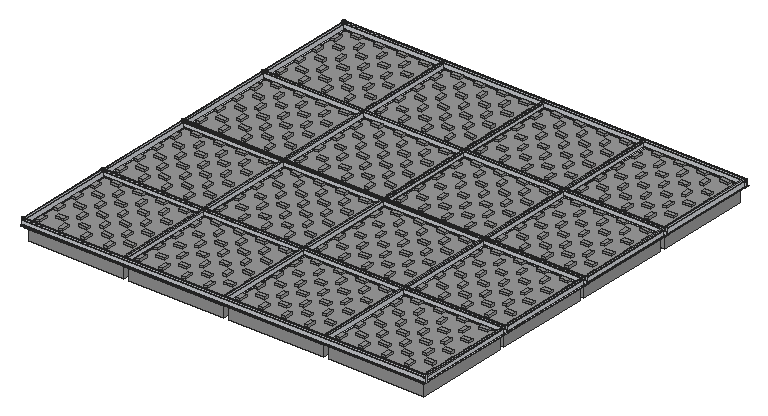
Revit family "GRD-FPG-011_RFA", category Modelos genéricos, Revit 2022 (continued)
Forms (in)
  Extrusion 260, solid, not visible
    sketch origin (0, 0, 0) x (1, 0, 0) y (0, 1, 0)
      loop
        line (12.94123, 22.87106) -> (12.94123, 18.36469) -> (17.44762, 18.36469) -> (17.44762, 22.87106) -> (12.94123, 22.87106)
      loop
        line (18.39251, 22.87106) -> (18.39251, 18.36469) -> (22.89887, 18.36469) -> (22.89887, 22.87106) -> (18.39251, 22.87106)
      loop
        line (2.03861, 17.41981) -> (2.03861, 12.91345) -> (6.54507, 12.91345) -> (6.54507, 17.41981) -> (2.03861, 17.41981)
      loop
        line (7.48995, 17.41981) -> (7.48995, 12.91345) -> (11.99634, 12.91345) -> (11.99634, 17.41981) -> (7.48995, 17.41981)
      loop
        line (12.94123, 17.41981) -> (12.94123, 12.91345) -> (17.44762, 12.91345) -> (17.44762, 17.41981) -> (12.94123, 17.41981)
      loop
        line (18.39251, 17.41981) -> (18.39251, 12.91345) -> (22.89887, 12.91345) -> (22.89887, 17.41981) -> (18.39251, 17.41981)
      loop
        line (2.03861, 11.96853) -> (2.03861, 7.46217) -> (6.54507, 7.46217) -> (6.54507, 11.96853) -> (2.03861, 11.96853)
      loop
        line (7.48995, 11.96853) -> (7.48995, 7.46217) -> (11.99634, 7.46217) -> (11.99634, 11.96853) -> (7.48995, 11.96853)
      loop
        line (12.94123, 11.96853) -> (12.94123, 7.46217) -> (17.44762, 7.46217) -> (17.44762, 11.96853) -> (12.94123, 11.96853)
      loop
        line (18.39251, 11.96853) -> (18.39251, 7.46217) -> (22.89887, 7.46217) -> (22.89887, 11.96853) -> (18.39251, 11.96853)
      loop
        line (2.03861, 6.51725) -> (2.03861, 2.01089) -> (6.54507, 2.01089) -> (6.54507, 6.51725) -> (2.03861, 6.51725)
      loop
        line (7.48995, 6.51725) -> (7.48995, 2.01089) -> (11.99634, 2.01089) -> (11.99634, 6.51725) -> (7.48995, 6.51725)
      loop
        line (12.94123, 6.51725) -> (12.94123, 2.01089) -> (17.44762, 2.01089) -> (17.44762, 6.51725) -> (12.94123, 6.51725)
      loop
        line (18.39251, 6.51725) -> (18.39251, 2.01089) -> (22.89887, 2.01089) -> (22.89887, 6.51725) -> (18.39251, 6.51725)
    from -2.9151 to 0.11811
  Extrusion 261, solid
    sketch origin (24.00458, 0, 0) x (1, 0, 0) y (0, 1, 0)
      loop
        line (24.34255, 0.56595) -> (24.34255, 24.30536) -> (0.59379, 24.30536) -> (0.59379, 0.56595) -> (24.34255, 0.56595)
    from 0.11811 to 0.59055
  Extrusion 262, solid
    sketch origin (24.00458, 0, 0) x (1, 0, 0) y (0, 1, 0)
      loop
        line (23.84375, 1.06601) -> (23.84375, 23.81603) -> (1.09373, 23.81603) -> (1.09373, 1.06601) -> (23.84375, 1.06601)
      loop
        line (2.03861, 22.87106) -> (2.03861, 18.36469) -> (6.54507, 18.36469) -> (6.54507, 22.87106) -> (2.03861, 22.87106)
      loop
        line (7.48995, 22.87106) -> (7.48995, 18.36469) -> (11.99634, 18.36469) -> (11.99634, 22.87106) -> (7.48995, 22.87106)
      loop
        line (12.94123, 22.87106) -> (12.94123, 18.36469) -> (17.44762, 18.36469) -> (17.44762, 22.87106) -> (12.94123, 22.87106)
      loop
        line (18.39251, 22.87106) -> (18.39251, 18.36469) -> (22.89887, 18.36469) -> (22.89887, 22.87106) -> (18.39251, 22.87106)
      loop
        line (2.03861, 17.41981) -> (2.03861, 12.91345) -> (6.54507, 12.91345) -> (6.54507, 17.41981) -> (2.03861, 17.41981)
      loop
        line (7.48995, 17.41981) -> (7.48995, 12.91345) -> (11.99634, 12.91345) -> (11.99634, 17.41981) -> (7.48995, 17.41981)
      loop
        line (12.94123, 17.41981) -> (12.94123, 12.91345) -> (17.44762, 12.91345) -> (17.44762, 17.41981) -> (12.94123, 17.41981)
      loop
        line (18.39251, 17.41981) -> (18.39251, 12.91345) -> (22.89887, 12.91345) -> (22.89887, 17.41981) -> (18.39251, 17.41981)
      loop
        line (2.03861, 11.96853) -> (2.03861, 7.46217) -> (6.54507, 7.46217) -> (6.54507, 11.96853) -> (2.03861, 11.96853)
      loop
        line (7.48995, 11.96853) -> (7.48995, 7.46217) -> (11.99634, 7.46217) -> (11.99634, 11.96853) -> (7.48995, 11.96853)
      loop
        line (12.94123, 11.96853) -> (12.94123, 7.46217) -> (17.44762, 7.46217) -> (17.44762, 11.96853) -> (12.94123, 11.96853)
      loop
        line (18.39251, 11.96853) -> (18.39251, 7.46217) -> (22.89887, 7.46217) -> (22.89887, 11.96853) -> (18.39251, 11.96853)
      loop
        line (2.03861, 6.51725) -> (2.03861, 2.01089) -> (6.54507, 2.01089) -> (6.54507, 6.51725) -> (2.03861, 6.51725)
      loop
        line (7.48995, 6.51725) -> (7.48995, 2.01089) -> (11.99634, 2.01089) -> (11.99634, 6.51725) -> (7.48995, 6.51725)
      loop
        line (12.94123, 6.51725) -> (12.94123, 2.01089) -> (17.44762, 2.01089) -> (17.44762, 6.51725) -> (12.94123, 6.51725)
      loop
        line (18.39251, 6.51725) -> (18.39251, 2.01089) -> (22.89887, 2.01089) -> (22.89887, 6.51725) -> (18.39251, 6.51725)
    from -2.9151 to 0.11811
  Extrusion 263, solid
    sketch origin (48.00458, 0, 0) x (1, 0, 0) y (0, 1, 0)
      loop
        line (24.34255, 0.56595) -> (24.34255, 24.30536) -> (0.59379, 24.30536) -> (0.59379, 0.56595) -> (24.34255, 0.56595)
    from 0.11811 to 0.59055
  Extrusion 264, solid
    sketch origin (48.00458, 0, 0) x (1, 0, 0) y (0, 1, 0)
      loop
        line (23.84375, 1.06601) -> (23.84375, 23.81603) -> (1.09373, 23.81603) -> (1.09373, 1.06601) -> (23.84375, 1.06601)
      loop
        line (2.03861, 22.87106) -> (2.03861, 18.36469) -> (6.54507, 18.36469) -> (6.54507, 22.87106) -> (2.03861, 22.87106)
      loop
        line (7.48995, 22.87106) -> (7.48995, 18.36469) -> (11.99634, 18.36469) -> (11.99634, 22.87106) -> (7.48995, 22.87106)
      loop
        line (12.94123, 22.87106) -> (12.94123, 18.36469) -> (17.44762, 18.36469) -> (17.44762, 22.87106) -> (12.94123, 22.87106)
      loop
        line (18.39251, 22.87106) -> (18.39251, 18.36469) -> (22.89887, 18.36469) -> (22.89887, 22.87106) -> (18.39251, 22.87106)
      loop
        line (2.03861, 17.41981) -> (2.03861, 12.91345) -> (6.54507, 12.91345) -> (6.54507, 17.41981) -> (2.03861, 17.41981)
      loop
        line (7.48995, 17.41981) -> (7.48995, 12.91345) -> (11.99634, 12.91345) -> (11.99634, 17.41981) -> (7.48995, 17.41981)
      loop
        line (12.94123, 17.41981) -> (12.94123, 12.91345) -> (17.44762, 12.91345) -> (17.44762, 17.41981) -> (12.94123, 17.41981)
      loop
        line (18.39251, 17.41981) -> (18.39251, 12.91345) -> (22.89887, 12.91345) -> (22.89887, 17.41981) -> (18.39251, 17.41981)
      loop
        line (2.03861, 11.96853) -> (2.03861, 7.46217) -> (6.54507, 7.46217) -> (6.54507, 11.96853) -> (2.03861, 11.96853)
      loop
        line (7.48995, 11.96853) -> (7.48995, 7.46217) -> (11.99634, 7.46217) -> (11.99634, 11.96853) -> (7.48995, 11.96853)
      loop
        line (12.94123, 11.96853) -> (12.94123, 7.46217) -> (17.44762, 7.46217) -> (17.44762, 11.96853) -> (12.94123, 11.96853)
      loop
        line (18.39251, 11.96853) -> (18.39251, 7.46217) -> (22.89887, 7.46217) -> (22.89887, 11.96853) -> (18.39251, 11.96853)
      loop
        line (2.03861, 6.51725) -> (2.03861, 2.01089) -> (6.54507, 2.01089) -> (6.54507, 6.51725) -> (2.03861, 6.51725)
      loop
        line (7.48995, 6.51725) -> (7.48995, 2.01089) -> (11.99634, 2.01089) -> (11.99634, 6.51725) -> (7.48995, 6.51725)
      loop
        line (12.94123, 6.51725) -> (12.94123, 2.01089) -> (17.44762, 2.01089) -> (17.44762, 6.51725) -> (12.94123, 6.51725)
      loop
        line (18.39251, 6.51725) -> (18.39251, 2.01089) -> (22.89887, 2.01089) -> (22.89887, 6.51725) -> (18.39251, 6.51725)
    from -2.9151 to 0.11811
  Extrusion 265, solid
    sketch origin (72.00458, 0, 0) x (1, 0, 0) y (0, 1, 0)
      loop
        line (24.34255, 0.56595) -> (24.34255, 24.30536) -> (0.59379, 24.30536) -> (0.59379, 0.56595) -> (24.34255, 0.56595)
    from 0.11811 to 0.59055
  Extrusion 266, solid
    sketch origin (72.00458, 0, 0) x (1, 0, 0) y (0, 1, 0)
      loop
        line (23.84375, 1.06601) -> (23.84375, 23.81603) -> (1.09373, 23.81603) -> (1.09373, 1.06601) -> (23.84375, 1.06601)
      loop
        line (2.03861, 22.87106) -> (2.03861, 18.36469) -> (6.54507, 18.36469) -> (6.54507, 22.87106) -> (2.03861, 22.87106)
      loop
        line (7.48995, 22.87106) -> (7.48995, 18.36469) -> (11.99634, 18.36469) -> (11.99634, 22.87106) -> (7.48995, 22.87106)
      loop
        line (12.94123, 22.87106) -> (12.94123, 18.36469) -> (17.44762, 18.36469) -> (17.44762, 22.87106) -> (12.94123, 22.87106)
      loop
        line (18.39251, 22.87106) -> (18.39251, 18.36469) -> (22.89887, 18.36469) -> (22.89887, 22.87106) -> (18.39251, 22.87106)
      loop
        line (2.03861, 17.41981) -> (2.03861, 12.91345) -> (6.54507, 12.91345) -> (6.54507, 17.41981) -> (2.03861, 17.41981)
      loop
        line (7.48995, 17.41981) -> (7.48995, 12.91345) -> (11.99634, 12.91345) -> (11.99634, 17.41981) -> (7.48995, 17.41981)
      loop
        line (12.94123, 17.41981) -> (12.94123, 12.91345) -> (17.44762, 12.91345) -> (17.44762, 17.41981) -> (12.94123, 17.41981)
      loop
        line (18.39251, 17.41981) -> (18.39251, 12.91345) -> (22.89887, 12.91345) -> (22.89887, 17.41981) -> (18.39251, 17.41981)
      loop
        line (2.03861, 11.96853) -> (2.03861, 7.46217) -> (6.54507, 7.46217) -> (6.54507, 11.96853) -> (2.03861, 11.96853)
      loop
        line (7.48995, 11.96853) -> (7.48995, 7.46217) -> (11.99634, 7.46217) -> (11.99634, 11.96853) -> (7.48995, 11.96853)
      loop
        line (12.94123, 11.96853) -> (12.94123, 7.46217) -> (17.44762, 7.46217) -> (17.44762, 11.96853) -> (12.94123, 11.96853)
      loop
        line (18.39251, 11.96853) -> (18.39251, 7.46217) -> (22.89887, 7.46217) -> (22.89887, 11.96853) -> (18.39251, 11.96853)
      loop
        line (2.03861, 6.51725) -> (2.03861, 2.01089) -> (6.54507, 2.01089) -> (6.54507, 6.51725) -> (2.03861, 6.51725)
      loop
        line (7.48995, 6.51725) -> (7.48995, 2.01089) -> (11.99634, 2.01089) -> (11.99634, 6.51725) -> (7.48995, 6.51725)
      loop
        line (12.94123, 6.51725) -> (12.94123, 2.01089) -> (17.44762, 2.01089) -> (17.44762, 6.51725) -> (12.94123, 6.51725)
      loop
        line (18.39251, 6.51725) -> (18.39251, 2.01089) -> (22.89887, 2.01089) -> (22.89887, 6.51725) -> (18.39251, 6.51725)
    from -2.9151 to 0.11811
  Extrusion 267, solid
    sketch origin (0, 24.02758, 0) x (1, 0, 0) y (0, 1, 0)
      loop
        line (24.34255, 0.56595) -> (24.34255, 24.30536) -> (0.59379, 24.30536) -> (0.59379, 0.56595) -> (24.34255, 0.56595)
    from 0.11811 to 0.59055
  Extrusion 268, solid
    sketch origin (0, 24.02758, 0) x (1, 0, 0) y (0, 1, 0)
      loop
        line (23.84375, 1.06601) -> (23.84375, 23.81603) -> (1.09373, 23.81603) -> (1.09373, 1.06601) -> (23.84375, 1.06601)
      loop
        line (2.03861, 22.87106) -> (2.03861, 18.36469) -> (6.54507, 18.36469) -> (6.54507, 22.87106) -> (2.03861, 22.87106)
      loop
        line (7.48995, 22.87106) -> (7.48995, 18.36469) -> (11.99634, 18.36469) -> (11.99634, 22.87106) -> (7.48995, 22.87106)
      loop
        line (12.94123, 22.87106) -> (12.94123, 18.36469) -> (17.44762, 18.36469) -> (17.44762, 22.87106) -> (12.94123, 22.87106)
      loop
        line (18.39251, 22.87106) -> (18.39251, 18.36469) -> (22.89887, 18.36469) -> (22.89887, 22.87106) -> (18.39251, 22.87106)
      loop
        line (2.03861, 17.41981) -> (2.03861, 12.91345) -> (6.54507, 12.91345) -> (6.54507, 17.41981) -> (2.03861, 17.41981)
      loop
        line (7.48995, 17.41981) -> (7.48995, 12.91345) -> (11.99634, 12.91345) -> (11.99634, 17.41981) -> (7.48995, 17.41981)
      loop
        line (12.94123, 17.41981) -> (12.94123, 12.91345) -> (17.44762, 12.91345) -> (17.44762, 17.41981) -> (12.94123, 17.41981)
      loop
        line (18.39251, 17.41981) -> (18.39251, 12.91345) -> (22.89887, 12.91345) -> (22.89887, 17.41981) -> (18.39251, 17.41981)
      loop
        line (2.03861, 11.96853) -> (2.03861, 7.46217) -> (6.54507, 7.46217) -> (6.54507, 11.96853) -> (2.03861, 11.96853)
      loop
        line (7.48995, 11.96853) -> (7.48995, 7.46217) -> (11.99634, 7.46217) -> (11.99634, 11.96853) -> (7.48995, 11.96853)
      loop
        line (12.94123, 11.96853) -> (12.94123, 7.46217) -> (17.44762, 7.46217) -> (17.44762, 11.96853) -> (12.94123, 11.96853)
      loop
        line (18.39251, 11.96853) -> (18.39251, 7.46217) -> (22.89887, 7.46217) -> (22.89887, 11.96853) -> (18.39251, 11.96853)
      loop
        line (2.03861, 6.51725) -> (2.03861, 2.01089) -> (6.54507, 2.01089) -> (6.54507, 6.51725) -> (2.03861, 6.51725)
      loop
        line (7.48995, 6.51725) -> (7.48995, 2.01089) -> (11.99634, 2.01089) -> (11.99634, 6.51725) -> (7.48995, 6.51725)
      loop
        line (12.94123, 6.51725) -> (12.94123, 2.01089) -> (17.44762, 2.01089) -> (17.44762, 6.51725) -> (12.94123, 6.51725)
      loop
        line (18.39251, 6.51725) -> (18.39251, 2.01089) -> (22.89887, 2.01089) -> (22.89887, 6.51725) -> (18.39251, 6.51725)
    from -2.9151 to 0.11811
  Extrusion 269, solid
    sketch origin (24.00458, 24.02758, 0) x (1, 0, 0) y (0, 1, 0)
      loop
        line (24.34255, 0.56595) -> (24.34255, 24.30536) -> (0.59379, 24.30536) -> (0.59379, 0.56595) -> (24.34255, 0.56595)
    from 0.11811 to 0.59055
  Extrusion 270, solid
    sketch origin (24.00458, 24.02758, 0) x (1, 0, 0) y (0, 1, 0)
      loop
        line (23.84375, 1.06601) -> (23.84375, 23.81603) -> (1.09373, 23.81603) -> (1.09373, 1.06601) -> (23.84375, 1.06601)
      loop
        line (2.03861, 22.87106) -> (2.03861, 18.36469) -> (6.54507, 18.36469) -> (6.54507, 22.87106) -> (2.03861, 22.87106)
      loop
        line (7.48995, 22.87106) -> (7.48995, 18.36469) -> (11.99634, 18.36469) -> (11.99634, 22.87106) -> (7.48995, 22.87106)
      loop
        line (12.94123, 22.87106) -> (12.94123, 18.36469) -> (17.44762, 18.36469) -> (17.44762, 22.87106) -> (12.94123, 22.87106)
      loop
        line (18.39251, 22.87106) -> (18.39251, 18.36469) -> (22.89887, 18.36469) -> (22.89887, 22.87106) -> (18.39251, 22.87106)
      loop
        line (2.03861, 17.41981) -> (2.03861, 12.91345) -> (6.54507, 12.91345) -> (6.54507, 17.41981) -> (2.03861, 17.41981)
      loop
        line (7.48995, 17.41981) -> (7.48995, 12.91345) -> (11.99634, 12.91345) -> (11.99634, 17.41981) -> (7.48995, 17.41981)
      loop
        line (12.94123, 17.41981) -> (12.94123, 12.91345) -> (17.44762, 12.91345) -> (17.44762, 17.41981) -> (12.94123, 17.41981)
      loop
        line (18.39251, 17.41981) -> (18.39251, 12.91345) -> (22.89887, 12.91345) -> (22.89887, 17.41981) -> (18.39251, 17.41981)
      loop
        line (2.03861, 11.96853) -> (2.03861, 7.46217) -> (6.54507, 7.46217) -> (6.54507, 11.96853) -> (2.03861, 11.96853)
      loop
        line (7.48995, 11.96853) -> (7.48995, 7.46217) -> (11.99634, 7.46217) -> (11.99634, 11.96853) -> (7.48995, 11.96853)
      loop
        line (12.94123, 11.96853) -> (12.94123, 7.46217) -> (17.44762, 7.46217) -> (17.44762, 11.96853) -> (12.94123, 11.96853)
      loop
        line (18.39251, 11.96853) -> (18.39251, 7.46217) -> (22.89887, 7.46217) -> (22.89887, 11.96853) -> (18.39251, 11.96853)
      loop
        line (2.03861, 6.51725) -> (2.03861, 2.01089) -> (6.54507, 2.01089) -> (6.54507, 6.51725) -> (2.03861, 6.51725)
      loop
        line (7.48995, 6.51725) -> (7.48995, 2.01089) -> (11.99634, 2.01089) -> (11.99634, 6.51725) -> (7.48995, 6.51725)
      loop
        line (12.94123, 6.51725) -> (12.94123, 2.01089) -> (17.44762, 2.01089) -> (17.44762, 6.51725) -> (12.94123, 6.51725)
      loop
        line (18.39251, 6.51725) -> (18.39251, 2.01089) -> (22.89887, 2.01089) -> (22.89887, 6.51725) -> (18.39251, 6.51725)
    from -2.9151 to 0.11811
  Extrusion 271, solid
    sketch origin (48.00458, 24.02758, 0) x (1, 0, 0) y (0, 1, 0)
      loop
        line (24.34255, 0.56595) -> (24.34255, 24.30536) -> (0.59379, 24.30536) -> (0.59379, 0.56595) -> (24.34255, 0.56595)
    from 0.11811 to 0.59055
  Extrusion 272, solid
    sketch origin (48.00458, 24.02758, 0) x (1, 0, 0) y (0, 1, 0)
      loop
        line (23.84375, 1.06601) -> (23.84375, 23.81603) -> (1.09373, 23.81603) -> (1.09373, 1.06601) -> (23.84375, 1.06601)
      loop
        line (2.03861, 22.87106) -> (2.03861, 18.36469) -> (6.54507, 18.36469) -> (6.54507, 22.87106) -> (2.03861, 22.87106)
      loop
        line (7.48995, 22.87106) -> (7.48995, 18.36469) -> (11.99634, 18.36469) -> (11.99634, 22.87106) -> (7.48995, 22.87106)
      loop
        line (12.94123, 22.87106) -> (12.94123, 18.36469) -> (17.44762, 18.36469) -> (17.44762, 22.87106) -> (12.94123, 22.87106)
      loop
        line (18.39251, 22.87106) -> (18.39251, 18.36469) -> (22.89887, 18.36469) -> (22.89887, 22.87106) -> (18.39251, 22.87106)
      loop
        line (2.03861, 17.41981) -> (2.03861, 12.91345) -> (6.54507, 12.91345) -> (6.54507, 17.41981) -> (2.03861, 17.41981)
      loop
        line (7.48995, 17.41981) -> (7.48995, 12.91345) -> (11.99634, 12.91345) -> (11.99634, 17.41981) -> (7.48995, 17.41981)
      loop
        line (12.94123, 17.41981) -> (12.94123, 12.91345) -> (17.44762, 12.91345) -> (17.44762, 17.41981) -> (12.94123, 17.41981)
      loop
        line (18.39251, 17.41981) -> (18.39251, 12.91345) -> (22.89887, 12.91345) -> (22.89887, 17.41981) -> (18.39251, 17.41981)
      loop
        line (2.03861, 11.96853) -> (2.03861, 7.46217) -> (6.54507, 7.46217) -> (6.54507, 11.96853) -> (2.03861, 11.96853)
      loop
        line (7.48995, 11.96853) -> (7.48995, 7.46217) -> (11.99634, 7.46217) -> (11.99634, 11.96853) -> (7.48995, 11.96853)
      loop
        line (12.94123, 11.96853) -> (12.94123, 7.46217) -> (17.44762, 7.46217) -> (17.44762, 11.96853) -> (12.94123, 11.96853)
      loop
        line (18.39251, 11.96853) -> (18.39251, 7.46217) -> (22.89887, 7.46217) -> (22.89887, 11.96853) -> (18.39251, 11.96853)
      loop
        line (2.03861, 6.51725) -> (2.03861, 2.01089) -> (6.54507, 2.01089) -> (6.54507, 6.51725) -> (2.03861, 6.51725)
      loop
        line (7.48995, 6.51725) -> (7.48995, 2.01089) -> (11.99634, 2.01089) -> (11.99634, 6.51725) -> (7.48995, 6.51725)
      loop
        line (12.94123, 6.51725) -> (12.94123, 2.01089) -> (17.44762, 2.01089) -> (17.44762, 6.51725) -> (12.94123, 6.51725)
      loop
        line (18.39251, 6.51725) -> (18.39251, 2.01089) -> (22.89887, 2.01089) -> (22.89887, 6.51725) -> (18.39251, 6.51725)
    from -2.9151 to 0.11811
  Extrusion 273, solid
    sketch origin (72.00458, 24.02758, 0) x (1, 0, 0) y (0, 1, 0)
      loop
        line (24.34255, 0.56595) -> (24.34255, 24.30536) -> (0.59379, 24.30536) -> (0.59379, 0.56595) -> (24.34255, 0.56595)
    from 0.11811 to 0.59055
  Extrusion 274, solid
    sketch origin (72.00458, 24.02758, 0) x (1, 0, 0) y (0, 1, 0)
      loop
        line (23.84375, 1.06601) -> (23.84375, 23.81603) -> (1.09373, 23.81603) -> (1.09373, 1.06601) -> (23.84375, 1.06601)
      loop
        line (2.03861, 22.87106) -> (2.03861, 18.36469) -> (6.54507, 18.36469) -> (6.54507, 22.87106) -> (2.03861, 22.87106)
      loop
        line (7.48995, 22.87106) -> (7.48995, 18.36469) -> (11.99634, 18.36469) -> (11.99634, 22.87106) -> (7.48995, 22.87106)
      loop
        line (12.94123, 22.87106) -> (12.94123, 18.36469) -> (17.44762, 18.36469) -> (17.44762, 22.87106) -> (12.94123, 22.87106)
      loop
        line (18.39251, 22.87106) -> (18.39251, 18.36469) -> (22.89887, 18.36469) -> (22.89887, 22.87106) -> (18.39251, 22.87106)
      loop
        line (2.03861, 17.41981) -> (2.03861, 12.91345) -> (6.54507, 12.91345) -> (6.54507, 17.41981) -> (2.03861, 17.41981)
      loop
        line (7.48995, 17.41981) -> (7.48995, 12.91345) -> (11.99634, 12.91345) -> (11.99634, 17.41981) -> (7.48995, 17.41981)
      loop
        line (12.94123, 17.41981) -> (12.94123, 12.91345) -> (17.44762, 12.91345) -> (17.44762, 17.41981) -> (12.94123, 17.41981)
      loop
        line (18.39251, 17.41981) -> (18.39251, 12.91345) -> (22.89887, 12.91345) -> (22.89887, 17.41981) -> (18.39251, 17.41981)
      loop
        line (2.03861, 11.96853) -> (2.03861, 7.46217) -> (6.54507, 7.46217) -> (6.54507, 11.96853) -> (2.03861, 11.96853)
      loop
        line (7.48995, 11.96853) -> (7.48995, 7.46217) -> (11.99634, 7.46217) -> (11.99634, 11.96853) -> (7.48995, 11.96853)
      loop
        line (12.94123, 11.96853) -> (12.94123, 7.46217) -> (17.44762, 7.46217) -> (17.44762, 11.96853) -> (12.94123, 11.96853)
      loop
        line (18.39251, 11.96853) -> (18.39251, 7.46217) -> (22.89887, 7.46217) -> (22.89887, 11.96853) -> (18.39251, 11.96853)
      loop
        line (2.03861, 6.51725) -> (2.03861, 2.01089) -> (6.54507, 2.01089) -> (6.54507, 6.51725) -> (2.03861, 6.51725)
      loop
        line (7.48995, 6.51725) -> (7.48995, 2.01089) -> (11.99634, 2.01089) -> (11.99634, 6.51725) -> (7.48995, 6.51725)
      loop
        line (12.94123, 6.51725) -> (12.94123, 2.01089) -> (17.44762, 2.01089) -> (17.44762, 6.51725) -> (12.94123, 6.51725)
      loop
        line (18.39251, 6.51725) -> (18.39251, 2.01089) -> (22.89887, 2.01089) -> (22.89887, 6.51725) -> (18.39251, 6.51725)
    from -2.9151 to 0.11811
  Extrusion 275, solid
    sketch origin (0, 48.02758, 0) x (1, 0, 0) y (0, 1, 0)
      loop
        line (24.34255, 0.56595) -> (24.34255, 24.30536) -> (0.59379, 24.30536) -> (0.59379, 0.56595) -> (24.34255, 0.56595)
    from 0.11811 to 0.59055
  Extrusion 276, solid
    sketch origin (0, 48.02758, 0) x (1, 0, 0) y (0, 1, 0)
      loop
        line (23.84375, 1.06601) -> (23.84375, 23.81603) -> (1.09373, 23.81603) -> (1.09373, 1.06601) -> (23.84375, 1.06601)
      loop
        line (2.03861, 22.87106) -> (2.03861, 18.36469) -> (6.54507, 18.36469) -> (6.54507, 22.87106) -> (2.03861, 22.87106)
      loop
        line (7.48995, 22.87106) -> (7.48995, 18.36469) -> (11.99634, 18.36469) -> (11.99634, 22.87106) -> (7.48995, 22.87106)
      loop
        line (12.94123, 22.87106) -> (12.94123, 18.36469) -> (17.44762, 18.36469) -> (17.44762, 22.87106) -> (12.94123, 22.87106)
      loop
        line (18.39251, 22.87106) -> (18.39251, 18.36469) -> (22.89887, 18.36469) -> (22.89887, 22.87106) -> (18.39251, 22.87106)
      loop
        line (2.03861, 17.41981) -> (2.03861, 12.91345) -> (6.54507, 12.91345) -> (6.54507, 17.41981) -> (2.03861, 17.41981)
      loop
        line (7.48995, 17.41981) -> (7.48995, 12.91345) -> (11.99634, 12.91345) -> (11.99634, 17.41981) -> (7.48995, 17.41981)
      loop
        line (12.94123, 17.41981) -> (12.94123, 12.91345) -> (17.44762, 12.91345) -> (17.44762, 17.41981) -> (12.94123, 17.41981)
      loop
        line (18.39251, 17.41981) -> (18.39251, 12.91345) -> (22.89887, 12.91345) -> (22.89887, 17.41981) -> (18.39251, 17.41981)
      loop
        line (2.03861, 11.96853) -> (2.03861, 7.46217) -> (6.54507, 7.46217) -> (6.54507, 11.96853) -> (2.03861, 11.96853)
      loop
        line (7.48995, 11.96853) -> (7.48995, 7.46217) -> (11.99634, 7.46217) -> (11.99634, 11.96853) -> (7.48995, 11.96853)
      loop
        line (12.94123, 11.96853) -> (12.94123, 7.46217) -> (17.44762, 7.46217) -> (17.44762, 11.96853) -> (12.94123, 11.96853)
      loop
        line (18.39251, 11.96853) -> (18.39251, 7.46217) -> (22.89887, 7.46217) -> (22.89887, 11.96853) -> (18.39251, 11.96853)
      loop
        line (2.03861, 6.51725) -> (2.03861, 2.01089) -> (6.54507, 2.01089) -> (6.54507, 6.51725) -> (2.03861, 6.51725)
      loop
        line (7.48995, 6.51725) -> (7.48995, 2.01089) -> (11.99634, 2.01089) -> (11.99634, 6.51725) -> (7.48995, 6.51725)
      loop
        line (12.94123, 6.51725) -> (12.94123, 2.01089) -> (17.44762, 2.01089) -> (17.44762, 6.51725) -> (12.94123, 6.51725)
      loop
        line (18.39251, 6.51725) -> (18.39251, 2.01089) -> (22.89887, 2.01089) -> (22.89887, 6.51725) -> (18.39251, 6.51725)
    from -2.9151 to 0.11811
  Extrusion 277, solid
    sketch origin (24.00458, 48.02758, 0) x (1, 0, 0) y (0, 1, 0)
      loop
        line (24.34255, 0.56595) -> (24.34255, 24.30536) -> (0.59379, 24.30536) -> (0.59379, 0.56595) -> (24.34255, 0.56595)
    from 0.11811 to 0.59055
  Extrusion 278, solid
    sketch origin (24.00458, 48.02758, 0) x (1, 0, 0) y (0, 1, 0)
      loop
        line (23.84375, 1.06601) -> (23.84375, 23.81603) -> (1.09373, 23.81603) -> (1.09373, 1.06601) -> (23.84375, 1.06601)
      loop
        line (2.03861, 22.87106) -> (2.03861, 18.36469) -> (6.54507, 18.36469) -> (6.54507, 22.87106) -> (2.03861, 22.87106)
      loop
        line (7.48995, 22.87106) -> (7.48995, 18.36469) -> (11.99634, 18.36469) -> (11.99634, 22.87106) -> (7.48995, 22.87106)
      loop
        line (12.94123, 22.87106) -> (12.94123, 18.36469) -> (17.44762, 18.36469) -> (17.44762, 22.87106) -> (12.94123, 22.87106)
      loop
        line (18.39251, 22.87106) -> (18.39251, 18.36469) -> (22.89887, 18.36469) -> (22.89887, 22.87106) -> (18.39251, 22.87106)
      loop
        line (2.03861, 17.41981) -> (2.03861, 12.91345) -> (6.54507, 12.91345) -> (6.54507, 17.41981) -> (2.03861, 17.41981)
      loop
        line (7.48995, 17.41981) -> (7.48995, 12.91345) -> (11.99634, 12.91345) -> (11.99634, 17.41981) -> (7.48995, 17.41981)
      loop
        line (12.94123, 17.41981) -> (12.94123, 12.91345) -> (17.44762, 12.91345) -> (17.44762, 17.41981) -> (12.94123, 17.41981)
      loop
        line (18.39251, 17.41981) -> (18.39251, 12.91345) -> (22.89887, 12.91345) -> (22.89887, 17.41981) -> (18.39251, 17.41981)
      loop
        line (2.03861, 11.96853) -> (2.03861, 7.46217) -> (6.54507, 7.46217) -> (6.54507, 11.96853) -> (2.03861, 11.96853)
      loop
        line (7.48995, 11.96853) -> (7.48995, 7.46217) -> (11.99634, 7.46217) -> (11.99634, 11.96853) -> (7.48995, 11.96853)
      loop
        line (12.94123, 11.96853) -> (12.94123, 7.46217) -> (17.44762, 7.46217) -> (17.44762, 11.96853) -> (12.94123, 11.96853)
      loop
        line (18.39251, 11.96853) -> (18.39251, 7.46217) -> (22.89887, 7.46217) -> (22.89887, 11.96853) -> (18.39251, 11.96853)
      loop
        line (2.03861, 6.51725) -> (2.03861, 2.01089) -> (6.54507, 2.01089) -> (6.54507, 6.51725) -> (2.03861, 6.51725)
      loop
        line (7.48995, 6.51725) -> (7.48995, 2.01089) -> (11.99634, 2.01089) -> (11.99634, 6.51725) -> (7.48995, 6.51725)
      loop
        line (12.94123, 6.51725) -> (12.94123, 2.01089) -> (17.44762, 2.01089) -> (17.44762, 6.51725) -> (12.94123, 6.51725)
      loop
        line (18.39251, 6.51725) -> (18.39251, 2.01089) -> (22.89887, 2.01089) -> (22.89887, 6.51725) -> (18.39251, 6.51725)
    from -2.9151 to 0.11811
  Extrusion 279, solid
    sketch origin (48.00458, 48.02758, 0) x (1, 0, 0) y (0, 1, 0)
      loop
        line (24.34255, 0.56595) -> (24.34255, 24.30536) -> (0.59379, 24.30536) -> (0.59379, 0.56595) -> (24.34255, 0.56595)
    from 0.11811 to 0.59055
  Extrusion 280, solid
    sketch origin (48.00458, 48.02758, 0) x (1, 0, 0) y (0, 1, 0)
      loop
        line (23.84375, 1.06601) -> (23.84375, 23.81603) -> (1.09373, 23.81603) -> (1.09373, 1.06601) -> (23.84375, 1.06601)
      loop
        line (2.03861, 22.87106) -> (2.03861, 18.36469) -> (6.54507, 18.36469) -> (6.54507, 22.87106) -> (2.03861, 22.87106)
      loop
        line (7.48995, 22.87106) -> (7.48995, 18.36469) -> (11.99634, 18.36469) -> (11.99634, 22.87106) -> (7.48995, 22.87106)
      loop
        line (12.94123, 22.87106) -> (12.94123, 18.36469) -> (17.44762, 18.36469) -> (17.44762, 22.87106) -> (12.94123, 22.87106)
      loop
        line (18.39251, 22.87106) -> (18.39251, 18.36469) -> (22.89887, 18.36469) -> (22.89887, 22.87106) -> (18.39251, 22.87106)
      loop
        line (2.03861, 17.41981) -> (2.03861, 12.91345) -> (6.54507, 12.91345) -> (6.54507, 17.41981) -> (2.03861, 17.41981)
      loop
        line (7.48995, 17.41981) -> (7.48995, 12.91345) -> (11.99634, 12.91345) -> (11.99634, 17.41981) -> (7.48995, 17.41981)
      loop
        line (12.94123, 17.41981) -> (12.94123, 12.91345) -> (17.44762, 12.91345) -> (17.44762, 17.41981) -> (12.94123, 17.41981)
      loop
        line (18.39251, 17.41981) -> (18.39251, 12.91345) -> (22.89887, 12.91345) -> (22.89887, 17.41981) -> (18.39251, 17.41981)
      loop
        line (2.03861, 11.96853) -> (2.03861, 7.46217) -> (6.54507, 7.46217) -> (6.54507, 11.96853) -> (2.03861, 11.96853)
      loop
        line (7.48995, 11.96853) -> (7.48995, 7.46217) -> (11.99634, 7.46217) -> (11.99634, 11.96853) -> (7.48995, 11.96853)
      loop
        line (12.94123, 11.96853) -> (12.94123, 7.46217) -> (17.44762, 7.46217) -> (17.44762, 11.96853) -> (12.94123, 11.96853)
      loop
        line (18.39251, 11.96853) -> (18.39251, 7.46217) -> (22.89887, 7.46217) -> (22.89887, 11.96853) -> (18.39251, 11.96853)
      loop
        line (2.03861, 6.51725) -> (2.03861, 2.01089) -> (6.54507, 2.01089) -> (6.54507, 6.51725) -> (2.03861, 6.51725)
      loop
        line (7.48995, 6.51725) -> (7.48995, 2.01089) -> (11.99634, 2.01089) -> (11.99634, 6.51725) -> (7.48995, 6.51725)
      loop
        line (12.94123, 6.51725) -> (12.94123, 2.01089) -> (17.44762, 2.01089) -> (17.44762, 6.51725) -> (12.94123, 6.51725)
      loop
        line (18.39251, 6.51725) -> (18.39251, 2.01089) -> (22.89887, 2.01089) -> (22.89887, 6.51725) -> (18.39251, 6.51725)
    from -2.9151 to 0.11811
  Extrusion 281, solid
    sketch origin (72.00458, 48.02758, 0) x (1, 0, 0) y (0, 1, 0)
      loop
        line (24.34255, 0.56595) -> (24.34255, 24.30536) -> (0.59379, 24.30536) -> (0.59379, 0.56595) -> (24.34255, 0.56595)
    from 0.11811 to 0.59055
  Extrusion 282, solid
    sketch origin (72.00458, 48.02758, 0) x (1, 0, 0) y (0, 1, 0)
      loop
        line (23.84375, 1.06601) -> (23.84375, 23.81603) -> (1.09373, 23.81603) -> (1.09373, 1.06601) -> (23.84375, 1.06601)
      loop
        line (2.03861, 22.87106) -> (2.03861, 18.36469) -> (6.54507, 18.36469) -> (6.54507, 22.87106) -> (2.03861, 22.87106)
      loop
        line (7.48995, 22.87106) -> (7.48995, 18.36469) -> (11.99634, 18.36469) -> (11.99634, 22.87106) -> (7.48995, 22.87106)
      loop
        line (12.94123, 22.87106) -> (12.94123, 18.36469) -> (17.44762, 18.36469) -> (17.44762, 22.87106) -> (12.94123, 22.87106)
      loop
        line (18.39251, 22.87106) -> (18.39251, 18.36469) -> (22.89887, 18.36469) -> (22.89887, 22.87106) -> (18.39251, 22.87106)
      loop
        line (2.03861, 17.41981) -> (2.03861, 12.91345) -> (6.54507, 12.91345) -> (6.54507, 17.41981) -> (2.03861, 17.41981)
      loop
        line (7.48995, 17.41981) -> (7.48995, 12.91345) -> (11.99634, 12.91345) -> (11.99634, 17.41981) -> (7.48995, 17.41981)
      loop
        line (12.94123, 17.41981) -> (12.94123, 12.91345) -> (17.44762, 12.91345) -> (17.44762, 17.41981) -> (12.94123, 17.41981)
      loop
        line (18.39251, 17.41981) -> (18.39251, 12.91345) -> (22.89887, 12.91345) -> (22.89887, 17.41981) -> (18.39251, 17.41981)
      loop
        line (2.03861, 11.96853) -> (2.03861, 7.46217) -> (6.54507, 7.46217) -> (6.54507, 11.96853) -> (2.03861, 11.96853)
      loop
        line (7.48995, 11.96853) -> (7.48995, 7.46217) -> (11.99634, 7.46217) -> (11.99634, 11.96853) -> (7.48995, 11.96853)
      loop
        line (12.94123, 11.96853) -> (12.94123, 7.46217) -> (17.44762, 7.46217) -> (17.44762, 11.96853) -> (12.94123, 11.96853)
      loop
        line (18.39251, 11.96853) -> (18.39251, 7.46217) -> (22.89887, 7.46217) -> (22.89887, 11.96853) -> (18.39251, 11.96853)
      loop
        line (2.03861, 6.51725) -> (2.03861, 2.01089) -> (6.54507, 2.01089) -> (6.54507, 6.51725) -> (2.03861, 6.51725)
      loop
        line (7.48995, 6.51725) -> (7.48995, 2.01089) -> (11.99634, 2.01089) -> (11.99634, 6.51725) -> (7.48995, 6.51725)
      loop
        line (12.94123, 6.51725) -> (12.94123, 2.01089) -> (17.44762, 2.01089) -> (17.44762, 6.51725) -> (12.94123, 6.51725)
      loop
        line (18.39251, 6.51725) -> (18.39251, 2.01089) -> (22.89887, 2.01089) -> (22.89887, 6.51725) -> (18.39251, 6.51725)
    from -2.9151 to 0.11811
  Extrusion 283, solid
    sketch origin (0, 72.02758, 0) x (1, 0, 0) y (0, 1, 0)
      loop
        line (24.34255, 0.56595) -> (24.34255, 24.30536) -> (0.59379, 24.30536) -> (0.59379, 0.56595) -> (24.34255, 0.56595)
    from 0.11811 to 0.59055
  Extrusion 284, solid
    sketch origin (0, 72.02758, 0) x (1, 0, 0) y (0, 1, 0)
      loop
        line (23.84375, 1.06601) -> (23.84375, 23.81603) -> (1.09373, 23.81603) -> (1.09373, 1.06601) -> (23.84375, 1.06601)
      loop
        line (2.03861, 22.87106) -> (2.03861, 18.36469) -> (6.54507, 18.36469) -> (6.54507, 22.87106) -> (2.03861, 22.87106)
      loop
        line (7.48995, 22.87106) -> (7.48995, 18.36469) -> (11.99634, 18.36469) -> (11.99634, 22.87106) -> (7.48995, 22.87106)
      loop
        line (12.94123, 22.87106) -> (12.94123, 18.36469) -> (17.44762, 18.36469) -> (17.44762, 22.87106) -> (12.94123, 22.87106)
      loop
        line (18.39251, 22.87106) -> (18.39251, 18.36469) -> (22.89887, 18.36469) -> (22.89887, 22.87106) -> (18.39251, 22.87106)
      loop
        line (2.03861, 17.41981) -> (2.03861, 12.91345) -> (6.54507, 12.91345) -> (6.54507, 17.41981) -> (2.03861, 17.41981)
      loop
        line (7.48995, 17.41981) -> (7.48995, 12.91345) -> (11.99634, 12.91345) -> (11.99634, 17.41981) -> (7.48995, 17.41981)
      loop
        line (12.94123, 17.41981) -> (12.94123, 12.91345) -> (17.44762, 12.91345) -> (17.44762, 17.41981) -> (12.94123, 17.41981)
      loop
        line (18.39251, 17.41981) -> (18.39251, 12.91345) -> (22.89887, 12.91345) -> (22.89887, 17.41981) -> (18.39251, 17.41981)
      loop
        line (2.03861, 11.96853) -> (2.03861, 7.46217) -> (6.54507, 7.46217) -> (6.54507, 11.96853) -> (2.03861, 11.96853)
      loop
        line (7.48995, 11.96853) -> (7.48995, 7.46217) -> (11.99634, 7.46217) -> (11.99634, 11.96853) -> (7.48995, 11.96853)
      loop
        line (12.94123, 11.96853) -> (12.94123, 7.46217) -> (17.44762, 7.46217) -> (17.44762, 11.96853) -> (12.94123, 11.96853)
      loop
        line (18.39251, 11.96853) -> (18.39251, 7.46217) -> (22.89887, 7.46217) -> (22.89887, 11.96853) -> (18.39251, 11.96853)
      loop
        line (2.03861, 6.51725) -> (2.03861, 2.01089) -> (6.54507, 2.01089) -> (6.54507, 6.51725) -> (2.03861, 6.51725)
      loop
        line (7.48995, 6.51725) -> (7.48995, 2.01089) -> (11.99634, 2.01089) -> (11.99634, 6.51725) -> (7.48995, 6.51725)
      loop
        line (12.94123, 6.51725) -> (12.94123, 2.01089) -> (17.44762, 2.01089) -> (17.44762, 6.51725) -> (12.94123, 6.51725)
      loop
        line (18.39251, 6.51725) -> (18.39251, 2.01089) -> (22.89887, 2.01089) -> (22.89887, 6.51725) -> (18.39251, 6.51725)
    from -2.9151 to 0.11811
  Extrusion 285, solid
    sketch origin (24.00458, 72.02758, 0) x (1, 0, 0) y (0, 1, 0)
      loop
        line (24.34255, 0.56595) -> (24.34255, 24.30536) -> (0.59379, 24.30536) -> (0.59379, 0.56595) -> (24.34255, 0.56595)
    from 0.11811 to 0.59055
  Extrusion 286, solid
    sketch origin (24.00458, 72.02758, 0) x (1, 0, 0) y (0, 1, 0)
      loop
        line (23.84375, 1.06601) -> (23.84375, 23.81603) -> (1.09373, 23.81603) -> (1.09373, 1.06601) -> (23.84375, 1.06601)
      loop
        line (2.03861, 22.87106) -> (2.03861, 18.36469) -> (6.54507, 18.36469) -> (6.54507, 22.87106) -> (2.03861, 22.87106)
      loop
        line (7.48995, 22.87106) -> (7.48995, 18.36469) -> (11.99634, 18.36469) -> (11.99634, 22.87106) -> (7.48995, 22.87106)
      loop
        line (12.94123, 22.87106) -> (12.94123, 18.36469) -> (17.44762, 18.36469) -> (17.44762, 22.87106) -> (12.94123, 22.87106)
      loop
        line (18.39251, 22.87106) -> (18.39251, 18.36469) -> (22.89887, 18.36469) -> (22.89887, 22.87106) -> (18.39251, 22.87106)
      loop
        line (2.03861, 17.41981) -> (2.03861, 12.91345) -> (6.54507, 12.91345) -> (6.54507, 17.41981) -> (2.03861, 17.41981)
      loop
        line (7.48995, 17.41981) -> (7.48995, 12.91345) -> (11.99634, 12.91345) -> (11.99634, 17.41981) -> (7.48995, 17.41981)
      loop
        line (12.94123, 17.41981) -> (12.94123, 12.91345) -> (17.44762, 12.91345) -> (17.44762, 17.41981) -> (12.94123, 17.41981)
      loop
        line (18.39251, 17.41981) -> (18.39251, 12.91345) -> (22.89887, 12.91345) -> (22.89887, 17.41981) -> (18.39251, 17.41981)
      loop
        line (2.03861, 11.96853) -> (2.03861, 7.46217) -> (6.54507, 7.46217) -> (6.54507, 11.96853) -> (2.03861, 11.96853)
      loop
        line (7.48995, 11.96853) -> (7.48995, 7.46217) -> (11.99634, 7.46217) -> (11.99634, 11.96853) -> (7.48995, 11.96853)
      loop
        line (12.94123, 11.96853) -> (12.94123, 7.46217) -> (17.44762, 7.46217) -> (17.44762, 11.96853) -> (12.94123, 11.96853)
      loop
        line (18.39251, 11.96853) -> (18.39251, 7.46217) -> (22.89887, 7.46217) -> (22.89887, 11.96853) -> (18.39251, 11.96853)
      loop
        line (2.03861, 6.51725) -> (2.03861, 2.01089) -> (6.54507, 2.01089) -> (6.54507, 6.51725) -> (2.03861, 6.51725)
      loop
        line (7.48995, 6.51725) -> (7.48995, 2.01089) -> (11.99634, 2.01089) -> (11.99634, 6.51725) -> (7.48995, 6.51725)
      loop
        line (12.94123, 6.51725) -> (12.94123, 2.01089) -> (17.44762, 2.01089) -> (17.44762, 6.51725) -> (12.94123, 6.51725)
      loop
        line (18.39251, 6.51725) -> (18.39251, 2.01089) -> (22.89887, 2.01089) -> (22.89887, 6.51725) -> (18.39251, 6.51725)
    from -2.9151 to 0.11811
  Extrusion 287, solid
    sketch origin (48.00458, 72.02758, 0) x (1, 0, 0) y (0, 1, 0)
      loop
        line (24.34255, 0.56595) -> (24.34255, 24.30536) -> (0.59379, 24.30536) -> (0.59379, 0.56595) -> (24.34255, 0.56595)
    from 0.11811 to 0.59055
  Extrusion 288, solid
    sketch origin (48.00458, 72.02758, 0) x (1, 0, 0) y (0, 1, 0)
      loop
        line (23.84375, 1.06601) -> (23.84375, 23.81603) -> (1.09373, 23.81603) -> (1.09373, 1.06601) -> (23.84375, 1.06601)
      loop
        line (2.03861, 22.87106) -> (2.03861, 18.36469) -> (6.54507, 18.36469) -> (6.54507, 22.87106) -> (2.03861, 22.87106)
      loop
        line (7.48995, 22.87106) -> (7.48995, 18.36469) -> (11.99634, 18.36469) -> (11.99634, 22.87106) -> (7.48995, 22.87106)
      loop
        line (12.94123, 22.87106) -> (12.94123, 18.36469) -> (17.44762, 18.36469) -> (17.44762, 22.87106) -> (12.94123, 22.87106)
      loop
        line (18.39251, 22.87106) -> (18.39251, 18.36469) -> (22.89887, 18.36469) -> (22.89887, 22.87106) -> (18.39251, 22.87106)
      loop
        line (2.03861, 17.41981) -> (2.03861, 12.91345) -> (6.54507, 12.91345) -> (6.54507, 17.41981) -> (2.03861, 17.41981)
      loop
        line (7.48995, 17.41981) -> (7.48995, 12.91345) -> (11.99634, 12.91345) -> (11.99634, 17.41981) -> (7.48995, 17.41981)
      loop
        line (12.94123, 17.41981) -> (12.94123, 12.91345) -> (17.44762, 12.91345) -> (17.44762, 17.41981) -> (12.94123, 17.41981)
      loop
        line (18.39251, 17.41981) -> (18.39251, 12.91345) -> (22.89887, 12.91345) -> (22.89887, 17.41981) -> (18.39251, 17.41981)
      loop
        line (2.03861, 11.96853) -> (2.03861, 7.46217) -> (6.54507, 7.46217) -> (6.54507, 11.96853) -> (2.03861, 11.96853)
      loop
        line (7.48995, 11.96853) -> (7.48995, 7.46217) -> (11.99634, 7.46217) -> (11.99634, 11.96853) -> (7.48995, 11.96853)
      loop
        line (12.94123, 11.96853) -> (12.94123, 7.46217) -> (17.44762, 7.46217) -> (17.44762, 11.96853) -> (12.94123, 11.96853)
      loop
        line (18.39251, 11.96853) -> (18.39251, 7.46217) -> (22.89887, 7.46217) -> (22.89887, 11.96853) -> (18.39251, 11.96853)
      loop
        line (2.03861, 6.51725) -> (2.03861, 2.01089) -> (6.54507, 2.01089) -> (6.54507, 6.51725) -> (2.03861, 6.51725)
      loop
        line (7.48995, 6.51725) -> (7.48995, 2.01089) -> (11.99634, 2.01089) -> (11.99634, 6.51725) -> (7.48995, 6.51725)
      loop
        line (12.94123, 6.51725) -> (12.94123, 2.01089) -> (17.44762, 2.01089) -> (17.44762, 6.51725) -> (12.94123, 6.51725)
      loop
        line (18.39251, 6.51725) -> (18.39251, 2.01089) -> (22.89887, 2.01089) -> (22.89887, 6.51725) -> (18.39251, 6.51725)
    from -2.9151 to 0.11811
  Extrusion 289, solid
    sketch origin (72.00458, 72.02758, 0) x (1, 0, 0) y (0, 1, 0)
      loop
        line (24.34255, 0.56595) -> (24.34255, 24.30536) -> (0.59379, 24.30536) -> (0.59379, 0.56595) -> (24.34255, 0.56595)
    from 0.11811 to 0.59055
  Extrusion 290, solid
    sketch origin (72.00458, 72.02758, 0) x (1, 0, 0) y (0, 1, 0)
      loop
        line (23.84375, 1.06601) -> (23.84375, 23.81603) -> (1.09373, 23.81603) -> (1.09373, 1.06601) -> (23.84375, 1.06601)
      loop
        line (2.03861, 22.87106) -> (2.03861, 18.36469) -> (6.54507, 18.36469) -> (6.54507, 22.87106) -> (2.03861, 22.87106)
      loop
        line (7.48995, 22.87106) -> (7.48995, 18.36469) -> (11.99634, 18.36469) -> (11.99634, 22.87106) -> (7.48995, 22.87106)
      loop
        line (12.94123, 22.87106) -> (12.94123, 18.36469) -> (17.44762, 18.36469) -> (17.44762, 22.87106) -> (12.94123, 22.87106)
      loop
        line (18.39251, 22.87106) -> (18.39251, 18.36469) -> (22.89887, 18.36469) -> (22.89887, 22.87106) -> (18.39251, 22.87106)
      loop
        line (2.03861, 17.41981) -> (2.03861, 12.91345) -> (6.54507, 12.91345) -> (6.54507, 17.41981) -> (2.03861, 17.41981)
      loop
        line (7.48995, 17.41981) -> (7.48995, 12.91345) -> (11.99634, 12.91345) -> (11.99634, 17.41981) -> (7.48995, 17.41981)
      loop
        line (12.94123, 17.41981) -> (12.94123, 12.91345) -> (17.44762, 12.91345) -> (17.44762, 17.41981) -> (12.94123, 17.41981)
      loop
        line (18.39251, 17.41981) -> (18.39251, 12.91345) -> (22.89887, 12.91345) -> (22.89887, 17.41981) -> (18.39251, 17.41981)
      loop
        line (2.03861, 11.96853) -> (2.03861, 7.46217) -> (6.54507, 7.46217) -> (6.54507, 11.96853) -> (2.03861, 11.96853)
      loop
        line (7.48995, 11.96853) -> (7.48995, 7.46217) -> (11.99634, 7.46217) -> (11.99634, 11.96853) -> (7.48995, 11.96853)
      loop
        line (12.94123, 11.96853) -> (12.94123, 7.46217) -> (17.44762, 7.46217) -> (17.44762, 11.96853) -> (12.94123, 11.96853)
      loop
        line (18.39251, 11.96853) -> (18.39251, 7.46217) -> (22.89887, 7.46217) -> (22.89887, 11.96853) -> (18.39251, 11.96853)
      loop
        line (2.03861, 6.51725) -> (2.03861, 2.01089) -> (6.54507, 2.01089) -> (6.54507, 6.51725) -> (2.03861, 6.51725)
      loop
        line (7.48995, 6.51725) -> (7.48995, 2.01089) -> (11.99634, 2.01089) -> (11.99634, 6.51725) -> (7.48995, 6.51725)
      loop
        line (12.94123, 6.51725) -> (12.94123, 2.01089) -> (17.44762, 2.01089) -> (17.44762, 6.51725) -> (12.94123, 6.51725)
      loop
        line (18.39251, 6.51725) -> (18.39251, 2.01089) -> (22.89887, 2.01089) -> (22.89887, 6.51725) -> (18.39251, 6.51725)
    from -2.9151 to 0.11811
  Extrusion 291, solid
    sketch origin (0, 0, 0) x (1, 0, 0) y (0, 1, 0)
      loop
        line (3.29187, 95.84361) -> (3.29187, 94.89864) -> (5.29187, 94.89864) -> (5.29187, 95.84361) -> (3.29187, 95.84361)
    from 0.55734 to 1.02978
  Extrusion 292, solid
    sketch origin (5.45128, 0, 0) x (1, 0, 0) y (0, 1, 0)
      loop
        line (3.29187, 95.84361) -> (3.29187, 94.89864) -> (5.29187, 94.89864) -> (5.29187, 95.84361) -> (3.29187, 95.84361)
    from 0.55734 to 1.02978
  Extrusion 293, solid
    sketch origin (10.90256, 0, 0) x (1, 0, 0) y (0, 1, 0)
      loop
        line (3.29187, 95.84361) -> (3.29187, 94.89864) -> (5.29187, 94.89864) -> (5.29187, 95.84361) -> (3.29187, 95.84361)
    from 0.55734 to 1.02978
  Extrusion 294, solid
    sketch origin (16.35384, 0, 0) x (1, 0, 0) y (0, 1, 0)
      loop
        line (3.29187, 95.84361) -> (3.29187, 94.89864) -> (5.29187, 94.89864) -> (5.29187, 95.84361) -> (3.29187, 95.84361)
    from 0.55734 to 1.02978
  Extrusion 295, solid
    sketch origin (0, -5.45125, 0) x (1, 0, 0) y (0, 1, 0)
      loop
        line (3.29187, 95.84361) -> (3.29187, 94.89864) -> (5.29187, 94.89864) -> (5.29187, 95.84361) -> (3.29187, 95.84361)
    from 0.55734 to 1.02978
  Extrusion 296, solid
    sketch origin (5.45128, -5.45125, 0) x (1, 0, 0) y (0, 1, 0)
      loop
        line (3.29187, 95.84361) -> (3.29187, 94.89864) -> (5.29187, 94.89864) -> (5.29187, 95.84361) -> (3.29187, 95.84361)
    from 0.55734 to 1.02978
  Extrusion 297, solid
    sketch origin (10.90256, -5.45125, 0) x (1, 0, 0) y (0, 1, 0)
      loop
        line (3.29187, 95.84361) -> (3.29187, 94.89864) -> (5.29187, 94.89864) -> (5.29187, 95.84361) -> (3.29187, 95.84361)
    from 0.55734 to 1.02978
  Extrusion 298, solid
    sketch origin (16.35384, -5.45125, 0) x (1, 0, 0) y (0, 1, 0)
      loop
        line (3.29187, 95.84361) -> (3.29187, 94.89864) -> (5.29187, 94.89864) -> (5.29187, 95.84361) -> (3.29187, 95.84361)
    from 0.55734 to 1.02978
  Extrusion 299, solid
    sketch origin (0, -10.90252, 0) x (1, 0, 0) y (0, 1, 0)
      loop
        line (3.29187, 95.84361) -> (3.29187, 94.89864) -> (5.29187, 94.89864) -> (5.29187, 95.84361) -> (3.29187, 95.84361)
    from 0.55734 to 1.02978
  Extrusion 300, solid
    sketch origin (5.45128, -10.90252, 0) x (1, 0, 0) y (0, 1, 0)
      loop
        line (3.29187, 95.84361) -> (3.29187, 94.89864) -> (5.29187, 94.89864) -> (5.29187, 95.84361) -> (3.29187, 95.84361)
    from 0.55734 to 1.02978
  Extrusion 301, solid
    sketch origin (10.90256, -10.90252, 0) x (1, 0, 0) y (0, 1, 0)
      loop
        line (3.29187, 95.84361) -> (3.29187, 94.89864) -> (5.29187, 94.89864) -> (5.29187, 95.84361) -> (3.29187, 95.84361)
    from 0.55734 to 1.02978
  Extrusion 302, solid
    sketch origin (16.35384, -10.90252, 0) x (1, 0, 0) y (0, 1, 0)
      loop
        line (3.29187, 95.84361) -> (3.29187, 94.89864) -> (5.29187, 94.89864) -> (5.29187, 95.84361) -> (3.29187, 95.84361)
    from 0.55734 to 1.02978
  Extrusion 303, solid
    sketch origin (0, -16.3538, 0) x (1, 0, 0) y (0, 1, 0)
      loop
        line (3.29187, 95.84361) -> (3.29187, 94.89864) -> (5.29187, 94.89864) -> (5.29187, 95.84361) -> (3.29187, 95.84361)
    from 0.55734 to 1.02978
  Extrusion 304, solid
    sketch origin (5.45128, -16.3538, 0) x (1, 0, 0) y (0, 1, 0)
      loop
        line (3.29187, 95.84361) -> (3.29187, 94.89864) -> (5.29187, 94.89864) -> (5.29187, 95.84361) -> (3.29187, 95.84361)
    from 0.55734 to 1.02978
  Extrusion 305, solid
    sketch origin (10.90256, -16.3538, 0) x (1, 0, 0) y (0, 1, 0)
      loop
        line (3.29187, 95.84361) -> (3.29187, 94.89864) -> (5.29187, 94.89864) -> (5.29187, 95.84361) -> (3.29187, 95.84361)
    from 0.55734 to 1.02978
  Extrusion 306, solid
    sketch origin (16.35384, -16.3538, 0) x (1, 0, 0) y (0, 1, 0)
      loop
        line (3.29187, 95.84361) -> (3.29187, 94.89864) -> (5.29187, 94.89864) -> (5.29187, 95.84361) -> (3.29187, 95.84361)
    from 0.55734 to 1.02978
  Extrusion 307, solid
    sketch origin (0, -21.80504, 0) x (1, 0, 0) y (0, 1, 0)
      loop
        line (3.29187, 95.84361) -> (3.29187, 94.89864) -> (5.29187, 94.89864) -> (5.29187, 95.84361) -> (3.29187, 95.84361)
    from 0.55734 to 1.02978
  Extrusion 308, solid
    sketch origin (5.45128, -21.80504, 0) x (1, 0, 0) y (0, 1, 0)
      loop
        line (3.29187, 95.84361) -> (3.29187, 94.89864) -> (5.29187, 94.89864) -> (5.29187, 95.84361) -> (3.29187, 95.84361)
    from 0.55734 to 1.02978
  Extrusion 309, solid
    sketch origin (10.90256, -21.80504, 0) x (1, 0, 0) y (0, 1, 0)
      loop
        line (3.29187, 95.84361) -> (3.29187, 94.89864) -> (5.29187, 94.89864) -> (5.29187, 95.84361) -> (3.29187, 95.84361)
    from 0.55734 to 1.02978
  Extrusion 310, solid
    sketch origin (16.35384, -21.80504, 0) x (1, 0, 0) y (0, 1, 0)
      loop
        line (3.29187, 95.84361) -> (3.29187, 94.89864) -> (5.29187, 94.89864) -> (5.29187, 95.84361) -> (3.29187, 95.84361)
    from 0.55734 to 1.02978
  Extrusion 311, solid
    sketch origin (-2.19813, -14.15567, 0) x (1, 0, 0) y (0, 1, 0)
      loop
        line (3.29187, 96.8986) -> (3.29187, 94.89864) -> (4.23675, 94.89864) -> (4.23675, 96.8986) -> (3.29187, 96.8986)
    from 0.55734 to 1.02978
  Extrusion 312, solid
    sketch origin (-2.19813, -19.60694, 0) x (1, 0, 0) y (0, 1, 0)
      loop
        line (3.29187, 96.8986) -> (3.29187, 94.89864) -> (4.23675, 94.89864) -> (4.23675, 96.8986) -> (3.29187, 96.8986)
    from 0.55734 to 1.02978
  Extrusion 313, solid
    sketch origin (-2.19813, -8.70438, 0) x (1, 0, 0) y (0, 1, 0)
      loop
        line (3.29187, 96.8986) -> (3.29187, 94.89864) -> (4.23675, 94.89864) -> (4.23675, 96.8986) -> (3.29187, 96.8986)
    from 0.55734 to 1.02978
  Extrusion 314, solid
    sketch origin (-2.19813, -3.2531, 0) x (1, 0, 0) y (0, 1, 0)
      loop
        line (3.29187, 96.8986) -> (3.29187, 94.89864) -> (4.23675, 94.89864) -> (4.23675, 96.8986) -> (3.29187, 96.8986)
    from 0.55734 to 1.02978
  Extrusion 315, solid
    sketch origin (3.2532, -14.15567, 0) x (1, 0, 0) y (0, 1, 0)
      loop
        line (3.29187, 96.8986) -> (3.29187, 94.89864) -> (4.23675, 94.89864) -> (4.23675, 96.8986) -> (3.29187, 96.8986)
    from 0.55734 to 1.02978
  Extrusion 316, solid
    sketch origin (3.2532, -19.60694, 0) x (1, 0, 0) y (0, 1, 0)
      loop
        line (3.29187, 96.8986) -> (3.29187, 94.89864) -> (4.23675, 94.89864) -> (4.23675, 96.8986) -> (3.29187, 96.8986)
    from 0.55734 to 1.02978
  Extrusion 317, solid
    sketch origin (3.2532, -8.70438, 0) x (1, 0, 0) y (0, 1, 0)
      loop
        line (3.29187, 96.8986) -> (3.29187, 94.89864) -> (4.23675, 94.89864) -> (4.23675, 96.8986) -> (3.29187, 96.8986)
    from 0.55734 to 1.02978
  Extrusion 318, solid
    sketch origin (3.2532, -3.2531, 0) x (1, 0, 0) y (0, 1, 0)
      loop
        line (3.29187, 96.8986) -> (3.29187, 94.89864) -> (4.23675, 94.89864) -> (4.23675, 96.8986) -> (3.29187, 96.8986)
    from 0.55734 to 1.02978
  Extrusion 319, solid
    sketch origin (8.70448, -14.15567, 0) x (1, 0, 0) y (0, 1, 0)
      loop
        line (3.29187, 96.8986) -> (3.29187, 94.89864) -> (4.23675, 94.89864) -> (4.23675, 96.8986) -> (3.29187, 96.8986)
    from 0.55734 to 1.02978
  Extrusion 320, solid
    sketch origin (8.70448, -19.60694, 0) x (1, 0, 0) y (0, 1, 0)
      loop
        line (3.29187, 96.8986) -> (3.29187, 94.89864) -> (4.23675, 94.89864) -> (4.23675, 96.8986) -> (3.29187, 96.8986)
    from 0.55734 to 1.02978
  Extrusion 321, solid
    sketch origin (8.70448, -8.70438, 0) x (1, 0, 0) y (0, 1, 0)
      loop
        line (3.29187, 96.8986) -> (3.29187, 94.89864) -> (4.23675, 94.89864) -> (4.23675, 96.8986) -> (3.29187, 96.8986)
    from 0.55734 to 1.02978
  Extrusion 322, solid
    sketch origin (8.70448, -3.2531, 0) x (1, 0, 0) y (0, 1, 0)
      loop
        line (3.29187, 96.8986) -> (3.29187, 94.89864) -> (4.23675, 94.89864) -> (4.23675, 96.8986) -> (3.29187, 96.8986)
    from 0.55734 to 1.02978
  Extrusion 323, solid
    sketch origin (14.15576, -14.15567, 0) x (1, 0, 0) y (0, 1, 0)
      loop
        line (3.29187, 96.8986) -> (3.29187, 94.89864) -> (4.23675, 94.89864) -> (4.23675, 96.8986) -> (3.29187, 96.8986)
    from 0.55734 to 1.02978
  Extrusion 324, solid
    sketch origin (14.15576, -19.60694, 0) x (1, 0, 0) y (0, 1, 0)
      loop
        line (3.29187, 96.8986) -> (3.29187, 94.89864) -> (4.23675, 94.89864) -> (4.23675, 96.8986) -> (3.29187, 96.8986)
    from 0.55734 to 1.02978
  Extrusion 325, solid
    sketch origin (14.15576, -8.70438, 0) x (1, 0, 0) y (0, 1, 0)
      loop
        line (3.29187, 96.8986) -> (3.29187, 94.89864) -> (4.23675, 94.89864) -> (4.23675, 96.8986) -> (3.29187, 96.8986)
    from 0.55734 to 1.02978
  Extrusion 326, solid
    sketch origin (14.15576, -3.2531, 0) x (1, 0, 0) y (0, 1, 0)
      loop
        line (3.29187, 96.8986) -> (3.29187, 94.89864) -> (4.23675, 94.89864) -> (4.23675, 96.8986) -> (3.29187, 96.8986)
    from 0.55734 to 1.02978
  Extrusion 327, solid
    sketch origin (19.607, -14.15567, 0) x (1, 0, 0) y (0, 1, 0)
      loop
        line (3.29187, 96.8986) -> (3.29187, 94.89864) -> (4.23675, 94.89864) -> (4.23675, 96.8986) -> (3.29187, 96.8986)
    from 0.55734 to 1.02978
  Extrusion 328, solid
    sketch origin (19.607, -19.60694, 0) x (1, 0, 0) y (0, 1, 0)
      loop
        line (3.29187, 96.8986) -> (3.29187, 94.89864) -> (4.23675, 94.89864) -> (4.23675, 96.8986) -> (3.29187, 96.8986)
    from 0.55734 to 1.02978
  Extrusion 329, solid
    sketch origin (19.607, -8.70438, 0) x (1, 0, 0) y (0, 1, 0)
      loop
        line (3.29187, 96.8986) -> (3.29187, 94.89864) -> (4.23675, 94.89864) -> (4.23675, 96.8986) -> (3.29187, 96.8986)
    from 0.55734 to 1.02978
  Extrusion 330, solid
    sketch origin (19.607, -3.2531, 0) x (1, 0, 0) y (0, 1, 0)
      loop
        line (3.29187, 96.8986) -> (3.29187, 94.89864) -> (4.23675, 94.89864) -> (4.23675, 96.8986) -> (3.29187, 96.8986)
    from 0.55734 to 1.02978
  Extrusion 331, solid
    sketch origin (0, -72.02758, 0) x (1, 0, 0) y (0, 1, 0)
      loop
        line (3.29187, 95.84361) -> (3.29187, 94.89864) -> (5.29187, 94.89864) -> (5.29187, 95.84361) -> (3.29187, 95.84361)
    from 0.55734 to 1.02978
  Extrusion 332, solid
    sketch origin (5.45128, -72.02758, 0) x (1, 0, 0) y (0, 1, 0)
      loop
        line (3.29187, 95.84361) -> (3.29187, 94.89864) -> (5.29187, 94.89864) -> (5.29187, 95.84361) -> (3.29187, 95.84361)
    from 0.55734 to 1.02978
  Extrusion 333, solid
    sketch origin (10.90256, -72.02758, 0) x (1, 0, 0) y (0, 1, 0)
      loop
        line (3.29187, 95.84361) -> (3.29187, 94.89864) -> (5.29187, 94.89864) -> (5.29187, 95.84361) -> (3.29187, 95.84361)
    from 0.55734 to 1.02978
  Extrusion 334, solid
    sketch origin (16.35384, -72.02758, 0) x (1, 0, 0) y (0, 1, 0)
      loop
        line (3.29187, 95.84361) -> (3.29187, 94.89864) -> (5.29187, 94.89864) -> (5.29187, 95.84361) -> (3.29187, 95.84361)
    from 0.55734 to 1.02978
  Extrusion 335, solid
    sketch origin (0, -77.47883, 0) x (1, 0, 0) y (0, 1, 0)
      loop
        line (3.29187, 95.84361) -> (3.29187, 94.89864) -> (5.29187, 94.89864) -> (5.29187, 95.84361) -> (3.29187, 95.84361)
    from 0.55734 to 1.02978
  Extrusion 336, solid
    sketch origin (5.45128, -77.47883, 0) x (1, 0, 0) y (0, 1, 0)
      loop
        line (3.29187, 95.84361) -> (3.29187, 94.89864) -> (5.29187, 94.89864) -> (5.29187, 95.84361) -> (3.29187, 95.84361)
    from 0.55734 to 1.02978
  Extrusion 337, solid
    sketch origin (10.90256, -77.47883, 0) x (1, 0, 0) y (0, 1, 0)
      loop
        line (3.29187, 95.84361) -> (3.29187, 94.89864) -> (5.29187, 94.89864) -> (5.29187, 95.84361) -> (3.29187, 95.84361)
    from 0.55734 to 1.02978
  Extrusion 338, solid
    sketch origin (16.35384, -77.47883, 0) x (1, 0, 0) y (0, 1, 0)
      loop
        line (3.29187, 95.84361) -> (3.29187, 94.89864) -> (5.29187, 94.89864) -> (5.29187, 95.84361) -> (3.29187, 95.84361)
    from 0.55734 to 1.02978
  Extrusion 339, solid
    sketch origin (0, -82.93011, 0) x (1, 0, 0) y (0, 1, 0)
      loop
        line (3.29187, 95.84361) -> (3.29187, 94.89864) -> (5.29187, 94.89864) -> (5.29187, 95.84361) -> (3.29187, 95.84361)
    from 0.55734 to 1.02978
  Extrusion 340, solid
    sketch origin (5.45128, -82.93011, 0) x (1, 0, 0) y (0, 1, 0)
      loop
        line (3.29187, 95.84361) -> (3.29187, 94.89864) -> (5.29187, 94.89864) -> (5.29187, 95.84361) -> (3.29187, 95.84361)
    from 0.55734 to 1.02978
